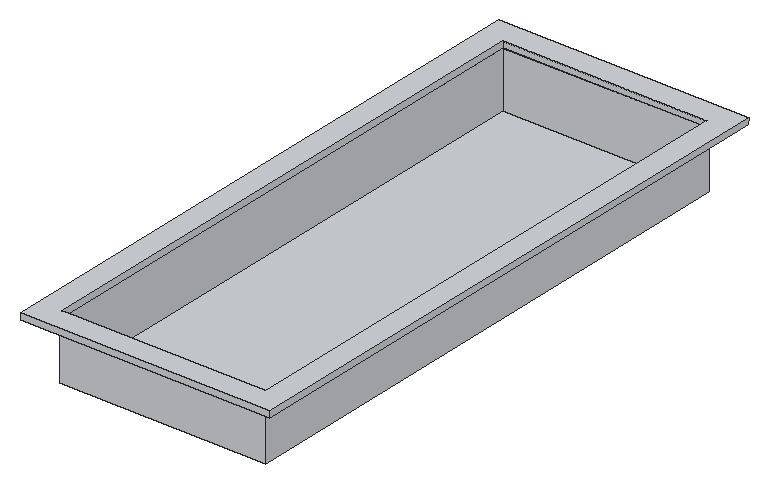
Revit family "Hager-VOLTA-Flush_mounted-IP30-Without_Cover-With_DIN-Hosted-DE-de", category Electrical Equipment, host Face, Revit 2023
Family settings
  Host = Face
  Panel Configuration = Two Columns, Circuits Across
  Round Connector Dimension = Use Diameter
  Part Type = Panelboard
  Cut with Voids When Loaded = No
  Maintain Annotation Orientation = Yes
  Shared = No
  Room Calculation Point = No
Parameters (values of type "VOLTA-Flush_mounted_W348_H880_D98_12_Modular_Spacing-VU60NKM")
  Width Control [instance] = if([HG000006-Flush mounted], if([EF000846 - Einbaubreite] > min_whd, [EF000846 - Einbaubreite], min_whd), if([EF000008 - Breite] > min_whd, ([EF000008 - Breite]), min_whd))  # 314.5 mm
  Void Depth [instance] = if([HG000006-Flush mounted], Depth Control, 1 mm)  # 89 mm
  Uniformat code = "D501001"
  Uniformat = "Low Tension Service & Dist."
  Type Comments = ""
  System Height [instance] = Height Control - 2 * [HG000005-Dicke]  # 841 mm
  Reference description = ""
  Reference = "VOLTA-Flush_mounted_W348_H880_D98_12_Modular_Spacing-VU60NKM"
  Object type = ""
  Name hager = "ADD_Enclosures_EC000214"
  Name BIM&CO = "Electricity"
  Name = "VOLTA-Flush_mounted-IP30-Without_Cover-With_DIN-DE"
  Model = ""
  HGEF0002950-Breite in Teilungseinheiten = 12
  HGEF000266-Anzahl der Reihen = 0
  HG000131 - Funktionell label [instance] = ""
  HG000130 - Functional name [instance] = ""
  HG000099-Onfly Template ID-de-DE = "507532"
  HG000060-RAL-number = "7035"
  HG000059 - Betriebsspannung [instance] = 230 V
  HG000017-Distanz zwischen den Polen = 18 mm
  HG000016-3D-Türsichtbarkeit = yes
  HG000015-Sichtbarkeit der Türöffnung = yes
  HG000014-Tür rechts = yes
  HG000013-Tür links = no
  HG000012-Türschwenkwinkel = 90.00°
  HG000011-Leere Reihen von unten = no
  HG000010-Asymmetrische Türen = no
  HG000009-Doppelflügeligen Tür = no
  HG000008-Anzahl der leeren Reihen = 0
  HG000007-Anzahl der leeren Spalten = 0
  HG000006-Flush mounted = yes
  HG000005-Dicke = 2 mm
  HG000004-Herstellerreferenz = "VU60NKM"
  HG000003-Bereich = "VOLTA"
  HG000002-Mit tür = no
  HG000001-Anzahl der Spalten = 0
  GTIN (Global Trade Item Number) = ""
  ETIM class name = "Small distribution board"
  ETIM class code = "EC000214"
  EF015941 - Signaldurchlassende Tür = no
  EF015777 - Neutralleiterklemmenblock = no
  EF015776 - Erdungsklemmenblock = no
  EF009212 - Ausführung Deckel = "geschlossen"
  EF006306 - Mit Schloss = no
  EF006244 - Transparenter Deckel/Tür = no
  EF005474 - Schutzart (IP) = "IP30"
  EF004464 - Art der Tür = ""
  EF004462 - Art der Schließung = "sonstige"
  EF002950 - Breite in Teilungseinheiten = 12
  EF001596 - Werkstoff des Gehäuses = ""
  EF001134 - DIN-Schiene = yes
  EF001131 - Innentiefe = 0 mm
  EF001088 - Anbaumöglichkeit = yes
  EF001062 - EMV-Ausführung = no
  EF000846 - Einbaubreite = 314.5 mm
  EF000339 - Art der Abdeckung = ""
  EF000332 - Einbauhöhe = 845 mm
  EF000266 - Anzahl der Reihen = 0
  EF000218 - Einbautiefe = 89 mm
  EF000118 - Mit Montageplatte = yes
  EF000116 - RAL-Nummer = 7035
  EF000049 - Tiefe = 98 mm
  EF000040 - Höhe = 880 mm
  EF000024 - UV-beständig = no
  EF000008 - Breite = 348 mm
  EF000007 - Farbe = "grau"
  EF000003 - Montageart = "Unterputz"
  Creation Date = "12/15/2025 21:44:15"
  Code hager = "ADD-EC000214_EU"
  BIM&CO code = ""
  BC_VARIANT_ID = "1174310"
  BC_OBJECT_VERSION = "#3"  # constant formula
  BC_OBJECT_ID = "513476"  # constant formula
  BC_MODEL_ID = "1547169"  # constant formula
  Arrow Offset [instance] = Depth Control / 8  # 11.125 mm
  Arrow Height [instance] = Depth Control - Arrow Offset  # 77.875 mm
  Host Offset [instance] = if([HG000006-Flush mounted], 0 mm, [EF000049 - Tiefe])  # 0 mm
  min_whd [instance] = (2 * [HG000005-Dicke]) + 1 mm  # 5 mm
  Manufacturer = "Hager"  # constant formula
  Height Control [instance] = if([HG000006-Flush mounted], if([EF000332 - Einbauhöhe] > min_whd, [EF000332 - Einbauhöhe], min_whd), if([EF000040 - Höhe] > min_whd, ([EF000040 - Höhe]), min_whd))  # 845 mm
  Flush Mounted - Door Frame Width [instance] = if(([EF000040 - Höhe] - [EF000332 - Einbauhöhe]) > 0 mm, if([HG000006-Flush mounted], [EF000040 - Höhe] - [EF000332 - Einbauhöhe], 0 mm), 0 mm)  # 35 mm
  Depth Control [instance] = if([HG000006-Flush mounted], if([EF000218 - Einbautiefe] > 0 mm, [EF000218 - Einbautiefe], 1 mm), if([EF000049 - Tiefe] > 0 mm, ([EF000049 - Tiefe]), 1 mm))  # 89 mm
  Default Elevation = 0 mm
Types (3, lengths in mm): name | System Height | Reference | HG000004-Herstellerreferenz | EF004462 - Art der Schließung | EF000332 - Einbauhöhe | EF000040 - Höhe | BC_VARIANT_ID | Height Control
  VOLTA-Flush_mounted_W348_H630_D98_12_Modular_Spacing-VU36NKM | 591 | "VOLTA-Flush_mounted_W348_H630_D98_12_Modular_Spacing-VU36NKM" | "VU36NKM" | "" | 595 | 630 | "1174307" | 595
  VOLTA-Flush_mounted_W348_H755_D98_12_Modular_Spacing-VU48NKM | 716 | "VOLTA-Flush_mounted_W348_H755_D98_12_Modular_Spacing-VU48NKM" | "VU48NKM" | "" | 720 | 755 | "1174309" | 720
  VOLTA-Flush_mounted_W348_H880_D98_12_Modular_Spacing-VU60NKM | 841 | "VOLTA-Flush_mounted_W348_H880_D98_12_Modular_Spacing-VU60NKM" | "VU60NKM" | "sonstige" | 845 | 880 | "1174310" | 845
Reference planes
  plane 1 "Center (Front/Back)": y = 0
  plane 2: z = 0
  plane 3 "Center (Left/Right)": x = 0
  plane 4: z = 0
  plane 5: y = 37
  plane 6: z = -5
  plane 7: y = 457.5
  plane 8: y = 35
  plane 9: y = 880
  plane 10: z = -89
  plane 11: x = -157.25
  plane 12: x = 157.25
  plane 13: x = 155.25
  plane 14: x = -155.25
  plane 15: y = 878
  plane 16: z = -87
  plane 17: z = -2
  plane 18: z = -89
  plane 19: z = -2
  plane 20 "Annotation H": y = -100
  plane 21 "Annotation V": x = 457.25
Forms (mm)
  Extrusion 1, solid
    sketch origin (-583.045, 35, 1219.2) x (-1, 0, 0) y (0, 0, 1)
      loop
        line (-425.795, -1219.2) -> (-740.295, -1219.2) -> (-740.295, -1308.2) -> (-425.795, -1308.2) -> (-425.795, -1219.2)
    from 0 to 845 <- "Height Control"
  Extrusion 2, void
    sketch origin (-381.607, -4572, 0) x (0, -1, 0) y (-1, 0, 0)
      loop
        line (-5450, -226.357) -> (-5450, -536.857) -> (-4609, -536.857) -> (-4609, -226.357) -> (-5450, -226.357)
    from 0 to 87
  Extrusion 3, void
    sketch origin (0, 0, 0) x (1, 0, 0) y (0, 1, 0)
      loop
        line (-157.25, 35) -> (157.25, 35) -> (157.25, 880) -> (-157.25, 880) -> (-157.25, 35)
    from -89 to 1
  Extrusion 4, solid, detail levels coarse+medium
    sketch origin (-381.607, -4572, 0) x (-1, 0, 0) y (0, -1, 0)
      loop
        line (-226.357, -5450) -> (-226.357, -4609) -> (-536.857, -4609) -> (-536.857, -5450) -> (-226.357, -5450)
    from 0 to -2
Cuts and joins
  Extrusion 2 cuts Extrusion 1
Dimensions and locks
  plane 4 to plane 6 = 5 mm
  "Host Offset": plane 4 to host face
  "Flush Mounted - Door Frame Width": plane 1 "Center (Front/Back)" to plane 8
  "HG000005-Dicke": plane 5 to plane 8
  locked: connector elem to plane 3 "Center (Left/Right)"
  "Height Control": plane 9 to plane 8
  equal spacing: plane 9, plane 7, plane 8
  locked: connector elem to plane 7
  "Depth Control": plane 4 to plane 10
  "HG000005-Dicke": plane 11 to plane 14
  "HG000005-Dicke": plane 12 to plane 13
  equal spacing: plane 11, plane 3 "Center (Left/Right)", plane 12
  "Width Control": plane 11 to plane 12
  "Arrow Offset": nested 4 to plane 10
  "HG000005-Dicke": plane 9 to plane 15
  "HG000005-Dicke": plane 16 to plane 10
  "HG000005-Dicke": plane 4 to plane 17
  "Void Depth": plane 2 to plane 18
  "HG000005-Dicke": plane 4 to plane 19
  locked: plane 20 "Annotation H" to plane 1 "Center (Front/Back)" at 100
  locked: plane 12 to plane 21 "Annotation V" at 300
  aligned and locked: plane 2 to host face
  aligned and locked: level to host face
  aligned and locked: plane 3 "Center (Left/Right)" to nested 2
  aligned and locked: plane 4 to nested 2
  aligned and locked: nested 2 to plane 8
  aligned and locked: nested 1 to plane 6
  aligned and locked: plane 5 to nested 1
  aligned and locked: nested 4 to plane 11
  aligned and locked: nested 3 to plane 4
  aligned and locked: Extrusion 1 sketch curve to plane 12
  aligned and locked: Extrusion 1 sketch curve to plane 11
  aligned and locked: nested 3 to plane 10
  aligned and locked: plane 10 to Extrusion 1 sketch curve
  aligned and locked: plane 5 to Extrusion 2 sketch curve
  aligned and locked: Extrusion 2 sketch curve to plane 15
  aligned and locked: Extrusion 2 sketch curve to plane 14
  aligned and locked: Extrusion 2 sketch curve to plane 13
  aligned and locked: plane 11 to Extrusion 3 sketch curve
  aligned and locked: plane 9 to Extrusion 3 sketch curve
  aligned and locked: Extrusion 3 sketch curve to plane 8
  aligned and locked: plane 12 to Extrusion 3 sketch curve
  aligned and locked: nested 3 to plane 12
  aligned and locked: Extrusion 3 to plane 18
  aligned and locked: Extrusion 2 to plane 16
  aligned and locked: Extrusion 1 sketch curve to plane 4
  aligned and locked: Extrusion 4 to plane 17
  aligned and locked: Extrusion 4 sketch curve to plane 15
  aligned and locked: Extrusion 4 sketch curve to plane 13
  aligned and locked: Extrusion 4 sketch curve to plane 14
  aligned and locked: plane 5 to Extrusion 4 sketch curve
  aligned and locked: nested 5 to plane 21 "Annotation V"
  aligned and locked: plane 20 "Annotation H" to nested 5
Automatic sketch dimensions
  host sketch curve to host sketch curve = 1469.727 mm
  host sketch curve to host sketch curve = 1434.803 mm
Nested families
  nested 1: "Hager_Enclosure_System" at (0, 37, -5) x (1, 0, 0) z (0, 1, 0), Height <- "System Height", Flush_Mounted <- "HG000006-Flush mounted", Width_Control <- "Width Control", Built-in_Width <- "EF000846 - Einbaubreite", Width <- "EF000008 - Breite", Depth <- "HG000005-Dicke", Border <- "HG000005-Dicke", Distance_Between_Poles <- "HG000017-Distanz zwischen den Polen", Empty_Columns <- "HG000007-Anzahl der leeren Spalten", Total_No_Empty_Rows <- "HG000008-Anzahl der leeren Reihen", Empty_Rows_From_Bottom <- "HG000011-Leere Reihen von unten", Columns_Count <- "HG000001-Anzahl der Spalten", Rows_Count <- "HGEF000266-Anzahl der Reihen", Row_Module_Multiplicator <- "HGEF0002950-Breite in Teilungseinheiten", type "Hager_Enclosure_System", detail levels fine
    with Width_Control 314.5 mm, Width 348 mm, Total_No_Rows 0, Total_No_Empty_Rows 0, Total_No_Columns 1, System_Width 310.5 mm, Rows_Count 0, Rows_Column 0, Row_Module_Multiplicator 12, Panel_4 no, Panel_3 no, Panel_2 no, Panel_1 no, No_Panels_Ctrl 1, Hide_Columns yes, Height 841 mm, Flush_Mounted yes, Empty_Rows_From_Bottom no, Empty_Rows_Column 0, Empty_Columns 0, Empty column 4 0, Empty column 3 0, Empty column 2 0, Empty column 1 0, Distance_Between_Poles 18 mm, Depth 2 mm, Columns_Count 0, Column_Width 310.5 mm, Built-in_Width 314.5 mm, Border 2 mm
  nested 2: "Hager_Enclosure_Door" at (0, 35, 0) x (1, 0, 0) z (0, 1, 0), Flush_Mounted <- "HG000006-Flush mounted", Height_Ctrl <- "Height Control", Width_Ctrl <- "Width Control", BuiltIn_Depth <- "EF000218 - Einbautiefe", Depth <- "EF000049 - Tiefe", BuiltIn_Width <- "EF000846 - Einbaubreite", Height <- "EF000040 - Höhe", BuiltIn_Height <- "EF000332 - Einbauhöhe", Width <- "EF000008 - Breite", Transparent <- "EF006244 - Transparenter Deckel/Tür", Border <- "HG000005-Dicke", Door <- "HG000002-Mit tür", Double <- "HG000009-Doppelflügeligen Tür", Assymetrical <- "HG000010-Asymmetrische Türen", Angle <- "HG000012-Türschwenkwinkel", Door_Left <- "HG000013-Tür links", Door_Right <- "HG000014-Tür rechts", Clearance <- "HG000015-Sichtbarkeit der Türöffnung", 3d_Door <- "HG000016-3D-Türsichtbarkeit", type "Hager_Enclosure_Door", detail levels medium+fine
    with min_wh 5 mm, Width_Ctrl 314.5 mm, Width 348 mm, Transparent_Door_No_Bottom_Border no, Transparent no, Leaf_Width 307.5 mm, Leaf_Tolerance 1.5 mm, Leaf_Height 838 mm, Leaf_2_Width 307.5 mm, Leaf_2_Offset 153.75 mm, Leaf_1_Width 307.5 mm, Leaf_1_Offset 153.75 mm, Height_Ctrl 845 mm, Height 880 mm, Frame_Width_Ctrl 33.5 mm, Frame_Width 33.5 mm, Frame_Internal_Offset 2 mm, Frame_Height_Ctrl 35 mm, Frame_Height 35 mm, Frame_Depth_Ctrl 9 mm, Frame_Depth 9 mm, Flush_Mounted yes, Double_Clearance_Ctrl no, Double no, Door_Right_Ctrl no, Door_Right yes, Door_Left_Ctrl no, Door_Left no, Door no, Depth 98 mm, Clearance_Depth 307.5 mm, Clearance_Ctrl yes, Clearance yes, BuiltIn_Width 314.5 mm, BuiltIn_Height 845 mm, BuiltIn_Depth 89 mm, Border 2 mm, Assymetrical no, Angle 90.00°, 3d_Door yes
  nested 3: "Hager_Enclosure_Symbol_Triangle" at (-157.25, 0, -89) x (1, 0, 0) z (0, -1, 0), Depth <- "Depth Control", Width <- "Width Control", type "Hager_Enclosure_Symbol_Triangle"
    with Width_Ctrl 314.5 mm, Width 314.5 mm, Depth_Ctrl 89 mm, Depth 89 mm
  nested 4: "Hager_Enclosure_Symbol_Arrow" at (-157.25, 0, -77.875) x (1, 0, 0) z (0, -1, 0), Height <- "Arrow Height", type "Hager_Enclosure_Symbol_Arrow"
    with Width_Inside 5.841 mm, Width 70.087 mm, Height_Ctrl 77.875 mm, Height 77.875 mm
  nested 5: "Hager_Annotation-HG000130" at (457.25, -100, 0) x (-1, 0, 0) z (0, 0, 1), HG000130 - Functional name <- "HG000130 - Functional name", type "Hager_Annotation-HG000130"
    with HG000130 - Functional name ""
Connectors
  electrical at (0, 457.5, -89)
    settings: on plane 10, index 1, voltage 0 V, apparent load 0 VA, apparent load phase1 0 VA, apparent load phase2 0 VA, apparent load phase3 0 VA, power factor 1, load classification "Other", number of poles 1, system type 30, power factor state 1, is connector primary yes, connector utility no, sub classification motor no, connector description ""
Definition of nested family "Hager_Enclosure_Door"
  Parameters (values of type "Hager_Enclosure_Door")
    min_wh [instance] = (2 * Border) + 1 mm  # 11 mm
    Width_Ctrl [instance] = 400 mm
    Width [instance] = 500 mm
    Transparent_Door_No_Bottom_Border [instance] = no
    Transparent [instance] = yes
    Leaf_Width [instance] = if((Width_Ctrl - 2 * Border - 2 * Leaf_Tolerance) > 0 mm, (Width_Ctrl - 2 * Border - 2 * Leaf_Tolerance), min_wh)  # 387 mm
    Leaf_Tolerance [instance] = 1.5 mm  # constant formula
    Leaf_Height [instance] = if((Height_Ctrl - 2 * Border - 2 * Leaf_Tolerance) > 0 mm, (Height_Ctrl - 2 * Border - 2 * Leaf_Tolerance), min_wh)  # 387 mm
    Leaf_2_Width [instance] = if(and(and(Double, Assymetrical), Door_Left), (Leaf_Width / 3) - (Leaf_Tolerance / 2), if(and(and(Double, Assymetrical), Door_Right), (Leaf_Width / 3) * 2 - (Leaf_Tolerance / 2), if(and(Double, not(Assymetrical)), (Leaf_Width / 2) - Leaf_Tolerance, Leaf_Width)))  # 387 mm
    Leaf_2_Offset [instance] = if(and(Double, Assymetrical), Leaf_2_Width / 2, if(and(Double, not(Assymetrical)), Leaf_Width / 4, Leaf_Width / 2))  # 193.5 mm
    Leaf_1_Width [instance] = if(and(and(Double, Assymetrical), Door_Right), (Leaf_Width / 3) - (Leaf_Tolerance / 2), if(and(and(Double, Assymetrical), Door_Left), (Width / 3) * 2 - (Leaf_Tolerance / 2), if(and(Double, not(Assymetrical)), (Leaf_Width / 2) - Leaf_Tolerance, Leaf_Width)))  # 387 mm
    Leaf_1_Offset [instance] = if(and(Double, Assymetrical), Leaf_1_Width / 2, if(and(Double, not(Assymetrical)), Leaf_Width / 4, Leaf_Width / 2))  # 193.5 mm
    Height_Ctrl [instance] = 400 mm
    Height [instance] = 500 mm
    Frame_Width_Ctrl [instance] = if(Frame_Width > 0 mm, Frame_Width, 1 mm)  # 1 mm
    Frame_Width [instance] = Width - BuiltIn_Width  # 0 mm
    Frame_Internal_Offset [instance] = if(Flush_Mounted, Border, 0 mm)  # 5 mm
    Frame_Height_Ctrl [instance] = if(Frame_Height > 0 mm, Frame_Height, 1 mm)  # 1 mm
    Frame_Height [instance] = Height - BuiltIn_Height  # 0 mm
    Frame_Depth_Ctrl [instance] = if(Frame_Depth > 0 mm, Frame_Depth, 1 mm)  # 1 mm
    Frame_Depth [instance] = if(Depth - BuiltIn_Depth > 0 mm, if(Flush_Mounted, Depth - BuiltIn_Depth, 0 mm), 0 mm)  # 0 mm
    Flush_Mounted [instance] = yes
    Double_Clearance_Ctrl [instance] = and(Double, Clearance)  # no
    Double [instance] = no
    Door_Right_Ctrl [instance] = and(or(Door_Right, Double), Door)  # yes
    Door_Right [instance] = yes
    Door_Left_Ctrl [instance] = and(or(Door_Left, Double), Door)  # no
    Door_Left [instance] = no
    Door [instance] = yes
    Depth [instance] = 500 mm
    Default Elevation = 1219.2 mm
    Clearance_Material = none
    Clearance_Depth [instance] = if(Leaf_1_Width > Leaf_2_Width, Leaf_1_Width, Leaf_2_Width)  # 387 mm
    Clearance_Ctrl [instance] = and(not(Double), Clearance)  # yes
    Clearance [instance] = yes
    BuiltIn_Width [instance] = 500 mm
    BuiltIn_Height [instance] = 500 mm
    BuiltIn_Depth [instance] = 500 mm
    Border [instance] = 5 mm
    Assymetrical [instance] = yes
    Angle [instance] = 30.00°
    3d_Door [instance] = yes
  Reference planes
    plane 1 "Center (Front/Back)": y = 0
    plane 2 "Bottom": z = 0
    plane 3 "Center (Left/Right)": x = 0
    plane 4: z = 400
    plane 5: x = -200
    plane 6: x = 200
    plane 7: z = 395
    plane 8: x = -195
    plane 9: z = 5
    plane 10: x = 195
    plane 11: y = 0
    plane 12: z = 6.5
    plane 13: x = -582
    plane 14: y = -387
    plane 15: x = 582
    plane 16: x = 0
    plane 17: x = 0
    plane 18: x = -193.5
    plane 19: x = 193.5
    plane 20: z = 393.5
  Forms (mm)
    Extrusion 1, solid, visible <- "Flush_Mounted"
      sketch origin (0, 0, 0) x (1, 0, 0) y (0, 0, 1)
        loop
          line (195, 5) -> (195, 395) -> (-195, 395) -> (-195, 5) -> (195, 5)
        loop
          line (-201, 401) -> (-201, -1) -> (201, -1) -> (201, 401) -> (-201, 401)
      from 0 to 1 <- "Frame_Depth_Ctrl"
    Extrusion 2, solid, material <- "Clearance_Material", visible <- "Double_Clearance_Ctrl"
      sketch origin (1200, 0, 0) x (1, 0, 0) y (0, 0, -1)
        loop
          line (-1782, -393.5) -> (-618, -393.5) -> (-618, 0) -> (-1782, 0) -> (-1782, -393.5)
      from 0 to -387
  Dimensions and locks
    equal spacing: plane 5, plane 3 "Center (Left/Right)", plane 6
    "Width_Ctrl": plane 5 to plane 6
    "Border": plane 5 to plane 8
    "Border": plane 6 to plane 10
    "Border": plane 9 to level
    "Border": plane 4 to plane 7
    "Height_Ctrl": plane 4 to level
    "Leaf_Tolerance": plane 12 to plane 9
    "Frame_Depth": plane 11 to plane 1 "Center (Front/Back)"
    "Frame_Width_Ctrl": plane 5 to Extrusion 1 sketch curve
    "Frame_Width_Ctrl": plane 6 to Extrusion 1 sketch curve
    "Frame_Width_Ctrl": Extrusion 1 sketch curve to plane 4
    "Frame_Width_Ctrl": plane 2 "Bottom" to Extrusion 1 sketch curve
    "Leaf_1_Offset": plane 18 to plane 16
    "Leaf_2_Offset": plane 17 to plane 19
    "Leaf_1_Width": plane 13 to plane 8
    "Leaf_2_Width": plane 10 to plane 15
    "Clearance_Depth": plane 14 to plane 1 "Center (Front/Back)"
    "Leaf_Tolerance": plane 8 to plane 18
    "Leaf_Tolerance": plane 19 to plane 10
    "Leaf_Tolerance": plane 7 to plane 20
    "Frame_Internal_Offset": plane 5 to Extrusion 1 sketch curve
    "Frame_Internal_Offset": Extrusion 1 sketch curve to plane 2 "Bottom"
    "Frame_Internal_Offset": plane 6 to Extrusion 1 sketch curve
    "Frame_Internal_Offset": plane 4 to Extrusion 1 sketch curve
    aligned and locked: level to plane 2 "Bottom"
    aligned and locked: nested 1 to plane 16
    aligned and locked: nested 2 to plane 17
    aligned and locked: Extrusion 2 to plane 13
    aligned and locked: plane 15 to Extrusion 2
    aligned and locked: Extrusion 2 to plane 14
    aligned and locked: plane 12 to nested 1
    aligned and locked: nested 2 to plane 12
    aligned and locked: Extrusion 2 to plane 11
    aligned and locked: plane 20 to Extrusion 2
    aligned and locked: nested 2 to plane 11
    aligned and locked: nested 1 to plane 11
  Automatic sketch dimensions
    Extrusion 2 sketch curve to level = 0 mm
    plane 5 to Extrusion 2 sketch curve = 382 mm
    plane 6 to Extrusion 2 sketch curve = 382 mm
    Extrusion 2 sketch curve to plane 4 = 6.5 mm
  Nested families
    nested 1: "Hager_Enclosure_Door_Leaf" at (0, 0, 6.5), Width <- "Leaf_1_Width", visible <- "Door_Left_Ctrl", Leaf_Height <- "Leaf_Height", Angle <- "Angle", Depth <- "Border", 3d_Door <- "3d_Door", Transparent <- "Transparent", Clearance Material <- "Clearance_Material", Clearance <- "Clearance_Ctrl", Transparent_Door_No_Bottom_Border <- "Transparent_Door_No_Bottom_Border", type "Hager_Enclosure_Door_Leaf"
      with Width 387 mm, Transparent_Door_No_Bottom_Border no, Transparent_Door_Border_Bottom_Top 25 mm, Transparent_Door_Border 25 mm, Transparent_Ctrl yes, Transparent yes, Standard no, Leaf_Height 387 mm, Glass_Offset 1 mm, Depth 5 mm, Clearance Material none, Clearance yes, Angle_Ctrl 30.00°, Angle 30.00°, 3d_Door yes
    nested 2: "Hager_Enclosure_Door_Leaf" at (0, 0, 6.5) x (-1, 0, 0) z (0, 0, 1), Width <- "Leaf_2_Width", visible <- "Door_Right_Ctrl", Leaf_Height <- "Leaf_Height", Angle <- "Angle", Depth <- "Border", 3d_Door <- "3d_Door", Transparent <- "Transparent", Clearance Material <- "Clearance_Material", Clearance <- "Clearance_Ctrl", Transparent_Door_No_Bottom_Border <- "Transparent_Door_No_Bottom_Border", type "Hager_Enclosure_Door_Leaf"
      with Width 387 mm, Transparent_Door_No_Bottom_Border no, Transparent_Door_Border_Bottom_Top 25 mm, Transparent_Door_Border 25 mm, Transparent_Ctrl yes, Transparent yes, Standard no, Leaf_Height 387 mm, Glass_Offset 1 mm, Depth 5 mm, Clearance Material none, Clearance yes, Angle_Ctrl 30.00°, Angle 30.00°, 3d_Door yes
  Definition of nested family "Hager_Enclosure_Door_Leaf"
    Parameters (values of type "Hager_Enclosure_Door_Leaf")
      Width [instance] = 2000 mm
      Transparent_Door_No_Bottom_Border [instance] = yes
      Transparent_Door_Border_Bottom_Top [instance] = if(Transparent_Door_No_Bottom_Border, 0.1 mm, Transparent_Door_Border)  # 0.1 mm
      Transparent_Door_Border [instance] = if(Transparent_Door_No_Bottom_Border, (Width * 0.12), 25 mm)  # 240 mm
      Transparent_Ctrl [instance] = and(Transparent, [3d_Door])  # yes
      Transparent [instance] = yes
      Standard [instance] = and(not(Transparent), [3d_Door])  # no
      Leaf_Height [instance] = 2720.336 mm
      Glass_Offset [instance] = if((Depth - 10 mm) / 2 > 0 mm, (Depth - 10 mm) / 2, 1 mm)  # 15 mm
      Glass_Material = none
      Depth [instance] = 40 mm
      Default Elevation = 0 mm
      Clearance Material [instance] = none
      Clearance [instance] = yes
      Angle_Ctrl [instance] = if(Angle > 170.00°, 170.00°, Angle)  # 45.00°
      Angle [instance] = 45.00°
      3d_Door [instance] = yes
    Reference planes
      plane 1 "Center (Front/Back)": y = 0
      plane 2: z = 0
      plane 3 "Center (Left/Right)": x = 0
      plane 4: y = 2000
      plane 5: x = -1000
      plane 6: x = 1000
      plane 7: x = -3000
      plane 8: z = 2720.336
      plane 9: z = 0.1
      plane 10: z = 2720.236
      plane 11: x = 760
      plane 12: x = -760
    Forms (mm)
      Extrusion 1, solid, material <- "Clearance Material", visible <- "Clearance"
        sketch origin (0, 0, 0) x (1, 0, 0) y (0, 0, 1)
          loop
            line (-3000, 2720.336) -> (-3000, 0) -> (1000, 0) -> (1000, 2720.336) -> (-3000, 2720.336)
        from 0 to -2000
      Extrusion 2, solid, visible <- "Standard", detail levels medium+fine
        sketch origin (-1000, 0, 0) x (0.707107, 0.707107, 0) y (-0.707107, 0.707107, 0)
          loop
            line (0, -40) -> (2000, -40) -> (2000, 0) -> (0, 0) -> (0, -40)
        from 0 to 2720.336 <- "Leaf_Height"
      Extrusion 3, solid, visible <- "Transparent_Ctrl", detail levels medium+fine
        sketch origin (-1000, 0, 0) x (0.707107, 0.707107, 0) y (-0.707107, 0.707107, 0)
          loop
            line (0, -40) -> (2000, -40) -> (2000, 0) -> (0, 0) -> (0, -40)
        from 0 to 2720.336 <- "Leaf_Height"
      Extrusion 4, void, detail levels medium+fine
        sketch origin (-1000, 0, 0) x (-0.707107, 0.707107, 0) y (0.707107, 0.707107, 0)
          loop
            line (0, 240) -> (0, 1760) -> (-40, 1760) -> (-40, 240) -> (0, 240)
        from -2720.236 to -0.1
      Extrusion 5, solid, material <- "Glass_Material", visible <- "Transparent_Ctrl", detail levels medium+fine
        sketch origin (-1000, 0, 0) x (0.707107, 0.707107, 0) y (-0.707107, 0.707107, 0)
          loop
            line (240, -15) -> (240, -25) -> (1760, -25) -> (1760, -15) -> (240, -15)
        from 0.1 to 2720.236
    Cuts and joins
      Extrusion 4 cuts Extrusion 3
    Lines and regions (mm)
      symbolic lines
        curve 1: line (1000, 0, 0) -> (-3000, 0, 0)
        curve 2: arc (1000, 0, 0) -> (-1000, 2000, 0) -> (-3000, 0, 0) r 2000
        curve 4: line (-1000, 0, 0) -> (414.214, 1414.214, 0)
      reference lines
        curve 3: line (-1000, 0, 0) -> (414.214, 1414.214, 0)
      symbolic lines, detail levels medium+fine
        curve 5: line (414.214, 1414.214, 0) -> (442.498, 1385.929, 0)
        curve 6: line (442.498, 1385.929, 0) -> (-971.716, -28.284, 0)
        curve 7: line (-971.716, -28.284, 0) -> (-1000, 0, 0)
        curve 8: line (-1000, 0, 2720.336) -> (1000, 0, 2720.336)
        curve 9: line (-1000, 0, 0) -> (-1000, 0, 2720.336)
        curve 10: line (1000, 0, 0) -> (-1000, 0, 0)
        curve 11: line (1000, 0, 2720.336) -> (1000, 0, 0)
      symbolic lines, visible <- "Transparent_Ctrl", detail levels medium+fine
        curve 12: line (-760, 0, 2720.236) -> (760, 0, 2720.236)
        curve 13: line (-760, 0, 0.1) -> (-760, 0, 2720.236)
        curve 14: line (760, 0, 0.1) -> (-760, 0, 0.1)
        curve 15: line (760, 0, 2720.236) -> (760, 0, 0.1)
    Dimensions and locks
      "Width": plane 1 "Center (Front/Back)" to plane 4
      equal spacing: plane 5, plane 3 "Center (Left/Right)", plane 6
      "Width": plane 5 to plane 6
      "Width": plane 7 to plane 5
      "Leaf_Height": plane 8 to level
      "Depth": curve 6 to curve 3
      "Width": curve 5 to curve 3
      "Width": curve 3 to curve 3
      "Transparent_Door_Border": Extrusion 4 sketch curve to curve 7
      "Transparent_Door_Border": Extrusion 4 sketch curve to curve 5
      "Transparent_Door_Border_Bottom_Top": plane 8 to plane 10
      "Transparent_Door_Border_Bottom_Top": plane 9 to level
      "Glass_Offset": Extrusion 5 sketch curve to curve 4
      "Glass_Offset": Extrusion 5 sketch curve to curve 6
      "Transparent_Door_Border": Extrusion 5 sketch curve to curve 5
      "Transparent_Door_Border": Extrusion 5 sketch curve to curve 7
      "Transparent_Door_Border": plane 12 to plane 5
      "Transparent_Door_Border": plane 6 to plane 11
      "Angle_Ctrl": angle plane 1 "Center (Front/Back)" to curve 3
      aligned and locked: level to plane 2
      aligned and locked: Extrusion 1 to curve 1
      aligned and locked: plane 6 to Extrusion 1
      aligned and locked: Extrusion 1 to plane 1 "Center (Front/Back)"
      aligned and locked: plane 4 to Extrusion 1
      aligned and locked: plane 8 to Extrusion 1
      aligned and locked: curve 4 to curve 3
      aligned and locked: Extrusion 2 sketch curve to curve 7
      aligned and locked: Extrusion 2 sketch curve to curve 6
      aligned and locked: Extrusion 2 sketch curve to curve 5
      aligned and locked: Extrusion 2 sketch curve to curve 3
      aligned and locked: curve 7 to Extrusion 3 sketch curve
      aligned and locked: Extrusion 3 sketch curve to curve 4
      aligned and locked: Extrusion 3 sketch curve to curve 6
      aligned and locked: Extrusion 3 sketch curve to curve 5
      aligned and locked: curve 4 to Extrusion 4 sketch curve
      aligned and locked: curve 6 to Extrusion 4 sketch curve
      aligned and locked: Extrusion 4 to plane 9
      aligned and locked: Extrusion 4 to plane 10
      aligned and locked: Extrusion 5 to plane 9
      aligned and locked: Extrusion 5 to plane 10
      aligned and locked: curve 8 to plane 8
      aligned and locked: plane 5 to curve 9
      aligned and locked: plane 2 to curve 10
      aligned and locked: curve 11 to plane 6
      aligned and locked: plane 10 to curve 12
      aligned and locked: plane 12 to curve 13
      aligned and locked: curve 14 to plane 9
      aligned and locked: plane 11 to curve 15
    Automatic sketch dimensions
      plane 1 "Center (Front/Back)" to curve 2 = 0 mm
      curve 2 to plane 5 = 0 mm
      Extrusion 1 sketch curve to level = 0 mm
      Extrusion 1 sketch curve to plane 7 = 0 mm
      Extrusion 1 sketch curve to plane 6 = 0 mm
      Extrusion 1 sketch curve to plane 8 = 0 mm
      plane 1 "Center (Front/Back)" to curve 3 = 0 mm
      curve 3 to plane 5 = 0 mm
      curve 7 to curve 3 = 0 mm
Definition of nested family "Hager_Enclosure_Symbol_Triangle"
  Parameters (values of type "Hager_Enclosure_Symbol_Triangle")
    Width_Ctrl [instance] = if(Width > 1 mm, Width, 1 mm)  # 498 mm
    Width [instance] = 498 mm
    Depth_Ctrl [instance] = if(Depth > 1 mm, Depth, 1 mm)  # 72 mm
    Depth [instance] = 72 mm
  Reference planes
    plane 1 "Centre (avant/arrière)": y = 0
    plane 2: z = 0
    plane 3 "Centre (gauche/droite)": x = 0
  Lines and regions (mm)
    Filled region 1, type "Solid_Black", in view "Niveau de réf."
      outline origin (0, 0, 0) x (1, 0, 0) y (0, 1, 0)
        loop
          line (0, 0) -> (498, 0) -> (498, 72) -> (0, 0)
    reference lines, in view "Niveau de réf."
      curve 1: line (-206.153, 72, 0) -> (1083.258, 72, 0)
      curve 2: line (498, 405.456, 0) -> (498, -517.619, 0)
  Dimensions and locks
    "Depth_Ctrl": plane 1 "Centre (avant/arrière)" to curve 1
    "Width_Ctrl": plane 3 "Centre (gauche/droite)" to curve 2
    aligned and locked: curve 1 to Filled region 1 sketch curve
    aligned and locked: Filled region 1 sketch curve to plane 1 "Centre (avant/arrière)"
    aligned and locked: curve 2 to Filled region 1 sketch curve
    aligned and locked: plane 3 "Centre (gauche/droite)" to Filled region 1 sketch curve
    aligned and locked: plane 1 "Centre (avant/arrière)" to Filled region 1 sketch curve
  Automatic sketch dimensions
    curve 1 to plane 3 "Centre (gauche/droite)" = 206.153 mm
    curve 2 to curve 1 = 585.258 mm
    plane 1 "Centre (avant/arrière)" to curve 2 = 517.619 mm
    curve 2 to plane 1 "Centre (avant/arrière)" = 405.456 mm
Definition of nested family "Hager_Enclosure_Symbol_Arrow"
  Parameters (values of type "Hager_Enclosure_Symbol_Arrow")
    Width_Inside [instance] = if(Width / 12 > 2 mm, Width / 12, 2 mm)  # 4.987 mm
    Width [instance] = if(Height_Ctrl * 0.9 > 2 mm, Height_Ctrl * 0.9, 2 mm)  # 59.85 mm
    Height_Ctrl [instance] = if(Height > 2 mm, Height, 2 mm)  # 66.5 mm
    Height [instance] = 66.5 mm
  Reference planes
    plane 1 "Centre (avant/arrière)": y = 0
    plane 2: z = 0
    plane 3 "Centre (gauche/droite)": x = 0
    plane 4: x = 59.85
    plane 5: y = 28.263
    plane 6: y = 38.238
    plane 7: y = 66.5
    plane 8: x = 29.925
    plane 9: y = 33.25
  Lines and regions (mm)
    Filled region 1, type "Solid_Black", in view "Niveau de réf."
      outline origin (0, 0, 0) x (1, 0, 0) y (0, 1, 0)
        loop
          line (59.85, 66.5) -> (37.929, 52.827) -> (51.846, 41.935) -> (59.85, 66.5)
    detail lines, in view "Niveau de réf."
      curve 1: line (0, 0, 0) -> (29.925, 38.238, 0)
      curve 2: line (29.925, 38.238, 0) -> (29.925, 28.263, 0)
      curve 3: line (29.925, 28.263, 0) -> (59.85, 66.5, 0)
  Dimensions and locks
    "Width": plane 3 "Centre (gauche/droite)" to plane 4
    "Height_Ctrl": plane 7 to plane 1 "Centre (avant/arrière)"
    equal spacing: plane 3 "Centre (gauche/droite)", plane 8, plane 4
    equal spacing: plane 7, plane 9, plane 1 "Centre (avant/arrière)"
    equal spacing: plane 6, plane 9, plane 5
    "Width_Inside": plane 6 to plane 9
    equal spacing: curve 3, Filled region 1 sketch curve, Filled region 1 sketch curve
    angle Filled region 1 sketch curve to curve 3 = 20.00°
    angle curve 3 to Filled region 1 sketch curve = 20.00°
    locked: curve 3 to Filled region 1 sketch curve (angle 90.00°)
  Automatic sketch dimensions
    plane 1 "Centre (avant/arrière)" to curve 1 = 0 mm
    curve 1 to plane 3 "Centre (gauche/droite)" = 0 mm
    curve 2 to plane 6 = 0 mm
    curve 3 to plane 8 = 0 mm
    curve 3 to plane 4 = 0 mm
    curve 2 to plane 5 = 0 mm
    curve 3 to plane 7 = 0 mm
    Filled region 1 sketch curve to plane 4 = 0 mm
    Filled region 1 sketch curve to plane 7 = 0 mm
Definition of nested family "Hager_Annotation-HG000130"
  Parameters (values of type "Hager_Annotation-HG000130")
    HG000130 - Functional name [instance] = ""
  Reference planes
    plane 1: y = 0
    plane 2: x = 0
  Lines and regions (mm)
    detail lines
      curve 1: line (-27.5, 10, 0) -> (27.5, 10, 0)
      curve 2: line (-27.5, -10, 0) -> (-27.5, 10, 0)
      curve 3: line (27.5, -10, 0) -> (-27.5, -10, 0)
      curve 4: line (27.5, 10, 0) -> (27.5, -10, 0)
  Text (mm)
    label "HG000130 - Functional name" at (0.16, 0.026, 0), shows "HG000130 - Functional name"
